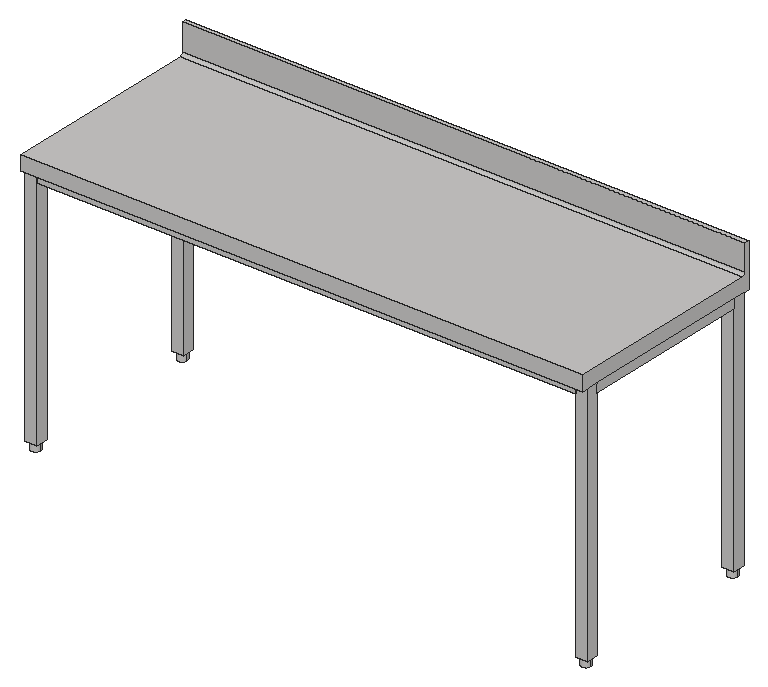
Revit family "QF_ELECTROLUXPROFESSIONAL_134020_GTG1910E", category Attrezzature speciali, Revit 2020
Family settings
  Quota connettore circolare = Usa diametro
  Tipo di parte = Normale
  Basato su piano di lavoro = No
  Sempre verticale = Sì
  Taglio con vuoti quando caricato = No
  Condiviso = No
  Punto di calcolo locali = No
Parameters (values of type "Standard")
  Weight = 54.50 kg
  Watts = 0 W
  Volts = 0 V
  URL Manufacturer = "https://www.electroluxprofessional.com/"
  URL = "https://www.electroluxprofessional.com/"
  Steam Supply Size = 0 mm
  Steam Supply Minimum Pressure = 0.0 Pa
  Steam Supply Maximum Pressure = 0.0 Pa
  Steam Consumption per Hour = 0
  Refrigeration Suction Line Size = 0.0 mm
  Refrigeration Liquid Line Size = 0.0 mm
  Refrigerant Compressor Remote = yes
  Prospetto di default = 0.0 mm
  Produttore = "Electrolux Professional"
  Phase = 0
  Modello = "GTG1910E"
  Length Actual = 1900.0 mm  # constant formula
  Item Number = "134020"
  Hot Water Size = 0 mm
  Height Actual = 1000.0 mm  # constant formula
  HP = "0 HP"
  Gas Size = 0 mm
  Gas KW = 0
  Gas Input Pressure = 0 W
  Direct Waste Size = 0 mm
  Descrizione = "WORK TABLE WITH UPSTAND 1900 MM"
  Depth Actual = 700.0 mm  # constant formula
  Cycle = 0 Hz
  Condensate Return Size = 0 mm
  Compressed Air Volume = 0.0 L/s
  Compressed Air Size = 0 mm
  Compressed Air Pressure = 0.0 Pa
  Cold Water Size = 0 mm
  Accessory = yes
Reference planes
  plane 1 "Center (Front/Back)": y = 0
  plane 2: z = 0
  plane 3 "Center (Left/Right)": x = -450
  plane 4 "LEFT": x = -1400
  plane 5 "RIGHT": x = 500
  plane 6 "BACK": y = 350
  plane 7 "FRONT": y = -350
  plane 8 "Base": z = 850
  plane 9 "TOP": z = 900
  plane 10: x = -1380
  plane 11: x = 480
  plane 12: y = 310
  plane 13: y = -310
  plane 14 "TRAVERSI": z = 820
  plane 15: x = -1360
  plane 16: x = 460
  plane 17: y = 290
  plane 18: y = -290
  plane 19: y = 330
  plane 20: y = -330
Forms (mm)
  Extrusion 1, solid, material "QF_Finishes_Stainless Steel"
    sketch origin (-450, 0, 0) x (0, 1, 0) y (0, 0, 1)
      loop
        line (-350, 850) -> (350, 850) -> (350, 1000) -> (337, 1000) -> (337, 910)
        arc (337, 910) -> (334.071, 902.929) -> (327, 900) r 10
        line (327, 900) -> (-350, 900) -> (-350, 850)
    from 950 to -950
  Extrusion 2, solid, material "QF_Finishes_Stainless Steel"
    sketch origin (0, 0, 820) x (0, 1, 0) y (-1, 0, 0)
      loop
        line (290, -460) -> (-290, -460) -> (-290, -500) -> (290, -500) -> (290, -460)
      loop
        line (290, 1400) -> (-290, 1400) -> (-290, 1360) -> (290, 1360) -> (290, 1400)
    from 0 to 30
  Extrusion 3, solid, material "QF_Finishes_Stainless Steel"
    sketch origin (0, 0, 820) x (0, 1, 0) y (-1, 0, 0)
      loop
        line (330, -460) -> (330, 1360) -> (290, 1360) -> (290, -460) -> (330, -460)
      loop
        line (-290, 1360) -> (-330, 1360) -> (-330, -460) -> (-290, -460) -> (-290, 1360)
    from 0 to 30
Lines and regions (mm)
  symbolic lines
    curve 1: line (500, 350, 900) -> (-1400, 350, 900)
    curve 2: line (-1400, 350, 900) -> (-1400, -350, 900)
    curve 3: line (-1400, -350, 900) -> (500, -350, 900)
    curve 4: line (500, -350, 900) -> (500, 350, 900)
    curve 5: line (-1400, 337, 820) -> (500, 337, 820)
Dimensions and locks
  plane 4 "LEFT" to plane 5 "RIGHT" = 1900.0 mm
  equal spacing: plane 4 "LEFT", plane 3 "Center (Left/Right)", plane 5 "RIGHT"
  plane 4 "LEFT" to plane 10 = 20.0 mm
  plane 11 to plane 5 "RIGHT" = 20.0 mm
  plane 10 to plane 11 = 1860.0 mm
  plane 6 "BACK" to plane 12 = 40.0 mm
  plane 13 to plane 7 "FRONT" = 40.0 mm
  plane 6 "BACK" to plane 7 "FRONT" = 700.0 mm
  plane 12 to plane 13 = 620.0 mm
  equal spacing: plane 6 "BACK", plane 1 "Center (Front/Back)", plane 7 "FRONT"
  plane 8 "Base" to plane 14 "TRAVERSI" = 30.0 mm
  locked: plane 10 to plane 15 at 20
  locked: plane 16 to plane 11 at 20
  locked: plane 19 to plane 12 at 20
  locked: plane 12 to plane 17 at 20
  locked: plane 18 to plane 13 at 20
  locked: plane 13 to plane 20 at 20
  locked: plane 8 "Base" to level at 850
  locked: Extrusion 1 to level at 1000
  aligned and locked: level to plane 2
  aligned and locked: plane 10 to nested 1
  aligned and locked: nested 1 to plane 13
  aligned and locked: plane 11 to nested 2
  aligned and locked: nested 2 to plane 13
  aligned and locked: plane 11 to nested 4
  aligned and locked: nested 4 to plane 12
  aligned and locked: plane 10 to nested 3
  aligned and locked: nested 3 to plane 12
  aligned and locked: Extrusion 1 to plane 4 "LEFT"
  aligned and locked: plane 5 "RIGHT" to Extrusion 1
  aligned and locked: curve 2 to plane 4 "LEFT"
  aligned and locked: Extrusion 2 sketch curve to plane 5 "RIGHT"
  aligned and locked: Extrusion 2 sketch curve to plane 17  (x2)
  aligned and locked: plane 16 to Extrusion 2 sketch curve
  aligned and locked: plane 18 to Extrusion 2 sketch curve  (x2)
  aligned and locked: plane 4 "LEFT" to Extrusion 2 sketch curve
  aligned and locked: Extrusion 2 sketch curve to plane 15
  aligned and locked: plane 19 to Extrusion 3 sketch curve
  aligned and locked: Extrusion 3 sketch curve to plane 17
  aligned and locked: Extrusion 3 sketch curve to plane 18
  aligned and locked: plane 20 to Extrusion 3 sketch curve
  aligned and locked: Extrusion 3 sketch curve to plane 15
  aligned and locked: plane 15 to Extrusion 3 sketch curve
  aligned and locked: plane 16 to Extrusion 3 sketch curve
  aligned and locked: Extrusion 3 sketch curve to plane 16
  aligned and locked: curve 5 to Extrusion 1
Automatic sketch dimensions
  curve 3 to plane 7 "FRONT" = 0.0 mm
  curve 4 to plane 6 "BACK" = 0.0 mm
  curve 4 to plane 5 "RIGHT" = 0.0 mm
  Extrusion 1 sketch curve to plane 7 "FRONT" = 0.0 mm
  Extrusion 1 sketch curve to plane 9 "TOP" = 0.0 mm
  Extrusion 1 sketch curve to plane 6 "BACK" = 0.0 mm
  Extrusion 1 sketch curve to plane 8 "Base" = 0.0 mm
  Extrusion 1 sketch curve to plane 19 = 3.0 mm
  plane 19 to Extrusion 1 sketch curve = 7.0 mm
  Extrusion 1 sketch curve to Extrusion 1 sketch curve = 90.0 mm
  curve 5 to plane 5 "RIGHT" = 0.0 mm
  curve 5 to plane 4 "LEFT" = 0.0 mm
Nested families
  nested 1: "FEET_40x40_R" at (-1380, -310, 0), type "FEET_40x40_R"
  nested 2: "FEET_40x40_R" at (480, -310, 0), type "FEET_40x40_R"
  nested 3: "FEET_40x40_R" at (-1380, 310, 0), type "FEET_40x40_R"
  nested 4: "FEET_40x40_R" at (480, 310, 0), type "FEET_40x40_R"
Definition of nested family "FEET_40x40_R"
  Parameters
    Default Elevation = 0.0 mm
    FEET = 850.0 mm
  Reference planes
    plane 1 "Center (Front/Back)": y = 0
    plane 2: z = 0
    plane 3 "Center (Left/Right)": x = 0
    plane 4: z = 850
  Forms (mm)
    Extrusion 1, solid
      sketch origin (0, 0, 0) x (1, 0, 0) y (0, 1, 0)
        loop
          line (-20, -20) -> (20, -20) -> (20, 20) -> (-20, 20) -> (-20, -20)
      from 25 to 850
    Extrusion 2, solid
      sketch origin (0, 0, 0) x (1, 0, 0) y (0, 1, 0)
        loop
          circle (0, 0) r 16
      from 0 to 25
  Lines and regions (mm)
    symbolic lines
      curve 1: line (0, -1.503, 0) -> (0, 1.508, 0)
      curve 2: line (1.561, 0, 0) -> (-1.439, 0, 0)
  Dimensions and locks
    "FEET": plane 4 to plane 2
    aligned and locked: level to plane 2
  Automatic sketch dimensions
    Extrusion 1 sketch curve to plane 3 "Center (Left/Right)" = 20.0 mm
    plane 3 "Center (Left/Right)" to Extrusion 1 sketch curve = 20.0 mm
    plane 1 "Center (Front/Back)" to Extrusion 1 sketch curve = 20.0 mm
    Extrusion 1 sketch curve to plane 1 "Center (Front/Back)" = 20.0 mm
    plane 1 "Center (Front/Back)" to Extrusion 2 sketch curve = 0.0 mm
    Extrusion 2 sketch curve to plane 3 "Center (Left/Right)" = 0.0 mm
    plane 1 "Center (Front/Back)" to curve 2 = 0.0 mm
    curve 1 to plane 3 "Center (Left/Right)" = 0.0 mm
    curve 2 to plane 3 "Center (Left/Right)" = 1.439 mm
    plane 3 "Center (Left/Right)" to curve 2 = 1.561 mm
    plane 1 "Center (Front/Back)" to curve 1 = 1.503 mm
    curve 1 to plane 1 "Center (Front/Back)" = 1.508 mm
    radius of Extrusion 2 sketch curve = 16.0 mm
